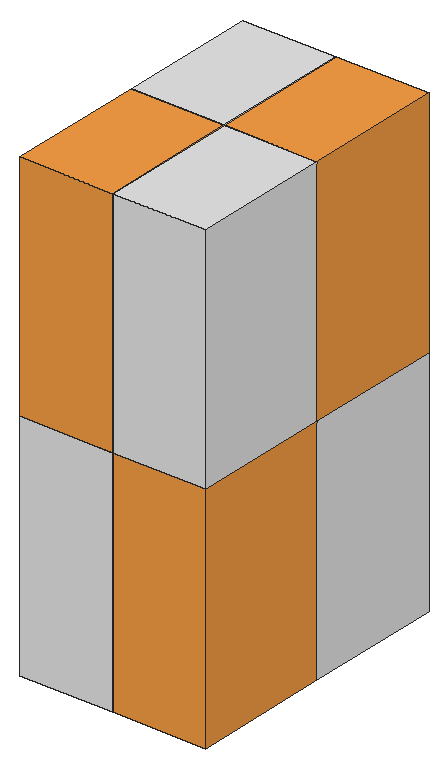
Revit family "DBU_GM_UN_Opening-SymbolicRectangular_gen_BERSnl", category Generic Models, Revit 2022
Family settings
  Can host rebar = No
  Round Connector Dimension = Use Diameter
  Part Type = Normal
  Work Plane-Based = No
  Always vertical = No
  Cut with Voids When Loaded = No
  Maintain Annotation Orientation = No
  Shared = No
  Room Calculation Point = No
Parameters (values of type "Wall")
  Wall = yes
  ViewCutPlaneUp [instance] = 1500 mm
  ViewCutPlaneDown [instance] = 1500 mm
  Response [instance] = if(DBU_OpeningStatus = 0, "Request", if(DBU_OpeningStatus = 1, "Declined", if(DBU_OpeningStatus = 2, "Approved", if(DBU_OpeningStatus = 3, "Approved Drilling", if(DBU_OpeningStatus = 4, "On Hold", if(DBU_OpeningStatus = 5, "Executed", "Invalid"))))))  # "Request"
  Request [instance] = DBU_OpeningStatus = 0  # yes
  On Hold [instance] = DBU_OpeningStatus = 3  # no
  Not Drilling [instance] = yes
  Floor = not(Wall)  # no
  Execution Type [instance] = if(Not Drilling, "Not Drilling", "Drilling")  # "Not Drilling"
  Executed [instance] = DBU_OpeningStatus = 4  # no
  Drilling [instance] = not(Not Drilling)  # no
  Default Elevation = 0 mm
  Declined [instance] = DBU_OpeningStatus = 1  # no
  DBU_OpeningStatus [instance] = 0
  DBU_CTE_Zone [instance] = ""
  DBU_CTE_Z Value - Top [instance] = ""
  DBU_CTE_Z Value - Center [instance] = ""
  DBU_CTE_Z Coordinate Value [instance] = ""
  DBU_CTE_Opening Host Link [instance] = ""
  DBU_CTE_Opening Host Element [instance] = ""
  DBU_CTE_Opening Host Category [instance] = ""
  DBU_CTE_Level [instance] = ""
  DBU_CTE_ID [instance] = ""
  DBU_CTE_Host ID [instance] = ""
  DBU_CTE_Discipline [instance] = ""
  DBU_CTE_Classificatie [instance] = ""
  DBU_CTE_BuildingPart [instance] = ""
  DBU_CLE_Width [instance] = 200 mm
  DBU_CLE_Height [instance] = 500 mm
  DBU_CLE_Depth [instance] = 300 mm
  Approved [instance] = DBU_OpeningStatus = 2  # no
Types (2, lengths in mm): name | Wall | Floor
  Floor | no | yes
  Wall | yes | no
Reference planes
  plane 1 "Center (Front/Back)": y = 0
  plane 2: z = 0
  plane 3 "Center (Left/Right)": x = 0
  plane 4: z = -250
  plane 5: z = -500
  plane 6: z = 1500
  plane 7: z = -2000
  plane 8: z = 1500
  plane 9: z = -1800
  plane 10: z = -300
Lines and regions (mm)
  model lines, style "InvisibleLines", visible <- "Wall"
    curve 1: line (0, 0, -2000) -> (0, 0, 1500)
  model lines, style "InvisibleLines", visible <- "Floor"
    curve 2: line (0, 0, -1800) -> (0, 0, 1500)
Dimensions and locks
  "DBU_CLE_Height": level to plane 5
  equal spacing: level, plane 4, plane 5
  "ViewCutPlaneUp": plane 6 to level
  "ViewCutPlaneDown": plane 5 to plane 7
  "ViewCutPlaneUp": plane 8 to level
  "DBU_CLE_Depth": level to plane 10
  "ViewCutPlaneDown": plane 10 to plane 9
  aligned and locked: level to plane 2
  aligned and locked: curve 1 to plane 1 "Center (Front/Back)"
  aligned and locked: plane 3 "Center (Left/Right)" to nested 2
  aligned and locked: plane 3 "Center (Left/Right)" to nested 3
  aligned and locked: nested 3 to plane 1 "Center (Front/Back)"
  aligned and locked: plane 1 "Center (Front/Back)" to nested 7
  aligned and locked: plane 3 "Center (Left/Right)" to nested 7
  aligned and locked: nested 8 to plane 4
  aligned and locked: nested 8 to plane 3 "Center (Left/Right)"
  aligned and locked: plane 6 to curve 1
  aligned and locked: plane 7 to curve 1
  aligned and locked: plane 8 to curve 2
  aligned and locked: plane 9 to curve 2
  aligned and locked: curve 2 to plane 3 "Center (Left/Right)"
Automatic sketch dimensions
  curve 1 to plane 3 "Center (Left/Right)" = 0 mm
Nested families
  nested 1: "DBU_OpeningRectangular-Wall" at (0, 0, 0), Depth <- "DBU_CLE_Depth", Height <- "DBU_CLE_Height", Width <- "DBU_CLE_Width", visible <- "Wall", ConstructorStatus <- "DBU_OpeningStatus", type "Wall"
    with Width 200 mm, Request yes, RecessNeutral Color RGB 230-230-230, RecessDisplayMaterial none, OnHold no, Height 500 mm, Executed no, Depth 300 mm, Declined no, ConstructorStatus 0, Approved no
  nested 2: "DBU_OpeningRectangular-Floor" at (0, 0, 0), Depth <- "DBU_CLE_Depth", Height <- "DBU_CLE_Height", Width <- "DBU_CLE_Width", visible <- "Floor", ConstructorStatus <- "DBU_OpeningStatus", type "Floor"
    with Width 200 mm, Request yes, RecessNeutral Color RGB 230-230-230, RecessDisplayMaterial none, OnHold no, Height 500 mm, Executed no, Depth 300 mm, Declined no, ConstructorStatus 0, Approved no
  nested 3: "DBU_00_DI_WB_Opening Detail_gen_BERSnl" at (0, 0, 0) x (0, 1, 0) z (0, 0, 1), Length <- "DBU_CLE_Depth", Width <- "DBU_CLE_Width", visible <- "Wall", type "DBU_00_DI_WB_Opening Detail_gen_BERSnl"
    with Width 200 mm, Length 300 mm
  nested 4: "DBU_00_DI_WB_Opening Detail_gen_BERSnl" at (0, 0, -250) x (0, 1, 0) z (1, 0, 0), Length <- "DBU_CLE_Depth", Width <- "DBU_CLE_Height", visible <- "Wall", type "DBU_00_DI_WB_Opening Detail_gen_BERSnl"
    with Width 500 mm, Length 300 mm
  nested 5: "DBU_00_DI_WB_Opening Detail_gen_BERSnl" at (0, 0, -150) x (0, 1, 0) z (1, 0, 0), Length <- "DBU_CLE_Height", Width <- "DBU_CLE_Depth", visible <- "Floor", type "DBU_00_DI_WB_Opening Detail_gen_BERSnl"
    with Width 300 mm, Length 500 mm
  nested 6: "DBU_00_DI_WB_Opening Detail_gen_BERSnl" at (0, 0, -150) x (1, 0, 0) z (0, -1, 0), visible <- "Floor", Length <- "DBU_CLE_Width", Width <- "DBU_CLE_Depth", type "DBU_00_DI_WB_Opening Detail_gen_BERSnl"
    with Width 300 mm, Length 200 mm
  nested 7: "DBU_00_DI_WB_Opening Detail_gen_BERSnl" at (0, 0, 0), visible <- "Floor", Length <- "DBU_CLE_Width", Width <- "DBU_CLE_Height", type "DBU_00_DI_WB_Opening Detail_gen_BERSnl"
    with Width 500 mm, Length 200 mm
  nested 8: "DBU_00_DI_WB_Opening Detail_gen_BERSnl" at (0, 0, -250) x (1, 0, 0) z (0, -1, 0), Length <- "DBU_CLE_Width", Width <- "DBU_CLE_Height", visible <- "Wall", type "DBU_00_DI_WB_Opening Detail_gen_BERSnl"
    with Width 500 mm, Length 200 mm
Definition of nested family "DBU_OpeningRectangular-Wall"
  Parameters (values of type "Wall")
    Width [instance] = 1915.454 mm
    Request [instance] = not(or(Declined, Approved, OnHold, Executed))  # yes
    RecessNeutral [instance] = none
    RecessDisplayMaterial [instance] = none
    OnHold [instance] = ConstructorStatus = 3  # no
    Height [instance] = 304.8 mm
    Executed [instance] = ConstructorStatus = 4  # no
    Depth [instance] = 1954.727 mm
    Default Elevation = 1219.2 mm
    Declined [instance] = ConstructorStatus = 1  # no
    ConstructorStatus [instance] = 0
    Approved [instance] = ConstructorStatus = 2  # no
  Reference planes
    plane 1 "Center (Front/Back)": y = 0
    plane 2: z = 0
    plane 3 "Center (Left/Right)": x = 0
    plane 4: y = 977.363
    plane 5: x = 957.727
    plane 6: y = -977.363
    plane 7: x = -957.727
    plane 8: z = -304.8
    plane 9: z = -152.4
  Forms (mm)
    Extrusion 1, solid, material <- "RecessNeutral"
      sketch origin (0, 0, 0) x (1, 0, 0) y (0, 1, 0)
        loop
          line (-957.727, 0) -> (-957.727, -977.363) -> (0, -977.363) -> (0, 0) -> (-957.727, 0)
      from -304.8 to -152.4
    Extrusion 2, solid, visible <- "Request"
      sketch origin (0, 0, 0) x (1, 0, 0) y (0, 1, 0)
        loop
          line (0, 0) -> (0, -977.363) -> (957.727, -977.363) -> (957.727, 0) -> (0, 0)
      from -304.8 to -152.4
    Extrusion 3, solid, visible <- "Request"
      sketch origin (0, 0, 0) x (1, 0, 0) y (0, 1, 0)
        loop
          line (-957.727, 0) -> (-957.727, -977.363) -> (0, -977.363) -> (0, 0) -> (-957.727, 0)
      from -152.4 to 0
    Extrusion 4, solid, material <- "RecessNeutral"
      sketch origin (0, 0, 0) x (1, 0, 0) y (0, 1, 0)
        loop
          line (0, 0) -> (0, -977.363) -> (957.727, -977.363) -> (957.727, 0) -> (0, 0)
      from -152.4 to 0
    Extrusion 5, solid, visible <- "Request"
      sketch origin (0, 0, 0) x (1, 0, 0) y (0, 1, 0)
        loop
          line (-957.727, 977.363) -> (-957.727, 0) -> (0, 0) -> (0, 977.363) -> (-957.727, 977.363)
      from -304.8 to -152.4
    Extrusion 6, solid, material <- "RecessNeutral"
      sketch origin (0, 0, 0) x (1, 0, 0) y (0, 1, 0)
        loop
          line (0, 977.363) -> (0, 0) -> (957.727, 0) -> (957.727, 977.363) -> (0, 977.363)
      from -304.8 to -152.4
    Extrusion 7, solid, material <- "RecessNeutral"
      sketch origin (0, 0, 0) x (1, 0, 0) y (0, 1, 0)
        loop
          line (-957.727, 977.363) -> (-957.727, 0) -> (0, 0) -> (0, 977.363) -> (-957.727, 977.363)
      from -152.4 to 0
    Extrusion 8, solid, visible <- "Request"
      sketch origin (0, 0, 0) x (1, 0, 0) y (0, 1, 0)
        loop
          line (0, 977.363) -> (0, 0) -> (957.727, 0) -> (957.727, 977.363) -> (0, 977.363)
      from -152.4 to 0
    Extrusion 9, solid, visible <- "Declined"
      sketch origin (0, 0, 0) x (1, 0, 0) y (0, 1, 0)
        loop
          line (0, 0) -> (0, -977.363) -> (957.727, -977.363) -> (957.727, 0) -> (0, 0)
      from -304.8 to -152.4
    Extrusion 10, solid, visible <- "Declined"
      sketch origin (0, 0, 0) x (1, 0, 0) y (0, 1, 0)
        loop
          line (-957.727, 0) -> (-957.727, -977.363) -> (0, -977.363) -> (0, 0) -> (-957.727, 0)
      from -152.4 to 0
    Extrusion 11, solid, visible <- "Declined"
      sketch origin (0, 0, 0) x (1, 0, 0) y (0, 1, 0)
        loop
          line (-957.727, 977.363) -> (-957.727, 0) -> (0, 0) -> (0, 977.363) -> (-957.727, 977.363)
      from -304.8 to -152.4
    Extrusion 12, solid, visible <- "Declined"
      sketch origin (0, 0, 0) x (1, 0, 0) y (0, 1, 0)
        loop
          line (0, 977.363) -> (0, 0) -> (957.727, 0) -> (957.727, 977.363) -> (0, 977.363)
      from -152.4 to 0
    Extrusion 13, solid, visible <- "Approved"
      sketch origin (0, 0, 0) x (1, 0, 0) y (0, 1, 0)
        loop
          line (-957.727, 0) -> (-957.727, -977.363) -> (0, -977.363) -> (0, 0) -> (-957.727, 0)
      from -152.4 to 0
    Extrusion 14, solid, visible <- "Approved"
      sketch origin (0, 0, 0) x (1, 0, 0) y (0, 1, 0)
        loop
          line (0, 977.363) -> (0, 0) -> (957.727, 0) -> (957.727, 977.363) -> (0, 977.363)
      from -152.4 to 0
    Extrusion 15, solid, visible <- "Approved"
      sketch origin (0, 0, 0) x (1, 0, 0) y (0, 1, 0)
        loop
          line (0, 0) -> (0, -977.363) -> (957.727, -977.363) -> (957.727, 0) -> (0, 0)
      from -304.8 to -152.4
    Extrusion 16, solid, visible <- "Approved"
      sketch origin (0, 0, 0) x (1, 0, 0) y (0, 1, 0)
        loop
          line (-957.727, 977.363) -> (-957.727, 0) -> (0, 0) -> (0, 977.363) -> (-957.727, 977.363)
      from -304.8 to -152.4
    Extrusion 17, solid, visible <- "OnHold"
      sketch origin (0, 0, 0) x (1, 0, 0) y (0, 1, 0)
        loop
          line (-957.727, 0) -> (-957.727, -977.363) -> (0, -977.363) -> (0, 0) -> (-957.727, 0)
      from -152.4 to 0
    Extrusion 18, solid, visible <- "OnHold"
      sketch origin (0, 0, 0) x (1, 0, 0) y (0, 1, 0)
        loop
          line (0, 977.363) -> (0, 0) -> (957.727, 0) -> (957.727, 977.363) -> (0, 977.363)
      from -152.4 to 0
    Extrusion 19, solid, visible <- "OnHold"
      sketch origin (0, 0, 0) x (1, 0, 0) y (0, 1, 0)
        loop
          line (0, 0) -> (0, -977.363) -> (957.727, -977.363) -> (957.727, 0) -> (0, 0)
      from -304.8 to -152.4
    Extrusion 20, solid, visible <- "OnHold"
      sketch origin (0, 0, 0) x (1, 0, 0) y (0, 1, 0)
        loop
          line (-957.727, 977.363) -> (-957.727, 0) -> (0, 0) -> (0, 977.363) -> (-957.727, 977.363)
      from -304.8 to -152.4
    Extrusion 21, solid, visible <- "Executed"
      sketch origin (0, 0, 0) x (1, 0, 0) y (0, 1, 0)
        loop
          line (-957.727, 0) -> (-957.727, -977.363) -> (0, -977.363) -> (0, 0) -> (-957.727, 0)
      from -152.4 to 0
    Extrusion 22, solid, visible <- "Executed"
      sketch origin (0, 0, 0) x (1, 0, 0) y (0, 1, 0)
        loop
          line (0, 977.363) -> (0, 0) -> (957.727, 0) -> (957.727, 977.363) -> (0, 977.363)
      from -152.4 to 0
    Extrusion 23, solid, visible <- "Executed"
      sketch origin (0, 0, 0) x (1, 0, 0) y (0, 1, 0)
        loop
          line (0, 0) -> (0, -977.363) -> (957.727, -977.363) -> (957.727, 0) -> (0, 0)
      from -304.8 to -152.4
    Extrusion 24, solid, visible <- "Executed"
      sketch origin (0, 0, 0) x (1, 0, 0) y (0, 1, 0)
        loop
          line (-957.727, 977.363) -> (-957.727, 0) -> (0, 0) -> (0, 977.363) -> (-957.727, 977.363)
      from -304.8 to -152.4
  Dimensions and locks
    equal spacing: plane 7, plane 3 "Center (Left/Right)", plane 5
    "Width": plane 7 to plane 5
    equal spacing: plane 4, plane 1 "Center (Front/Back)", plane 6
    "Depth": plane 6 to plane 4
    "Height": level to plane 8
    equal spacing: level, plane 9, plane 8
    aligned and locked: level to plane 2
    aligned and locked: Extrusion 1 sketch curve to plane 7
    aligned and locked: Extrusion 1 sketch curve to plane 3 "Center (Left/Right)"
    aligned and locked: Extrusion 1 sketch curve to plane 6
    aligned and locked: Extrusion 1 to plane 8
    aligned and locked: plane 9 to Extrusion 1
    aligned and locked: plane 3 "Center (Left/Right)" to Extrusion 2 sketch curve
    aligned and locked: Extrusion 2 sketch curve to plane 6
    aligned and locked: Extrusion 2 sketch curve to plane 5
    aligned and locked: Extrusion 2 to plane 8
    aligned and locked: plane 9 to Extrusion 2
    aligned and locked: Extrusion 3 sketch curve to plane 7
    aligned and locked: Extrusion 3 sketch curve to plane 6
    aligned and locked: Extrusion 3 sketch curve to plane 3 "Center (Left/Right)"
    aligned and locked: Extrusion 3 to plane 9
    aligned and locked: level to Extrusion 3
    aligned and locked: plane 3 "Center (Left/Right)" to Extrusion 4 sketch curve
    aligned and locked: Extrusion 4 sketch curve to plane 6
    aligned and locked: Extrusion 4 sketch curve to plane 5
    aligned and locked: Extrusion 4 to plane 9
    aligned and locked: level to Extrusion 4
    aligned and locked: plane 1 "Center (Front/Back)" to Extrusion 3 sketch curve
    aligned and locked: plane 1 "Center (Front/Back)" to Extrusion 4 sketch curve
    aligned and locked: plane 1 "Center (Front/Back)" to Extrusion 2 sketch curve
    aligned and locked: plane 1 "Center (Front/Back)" to Extrusion 1 sketch curve
    aligned and locked: Extrusion 5 sketch curve to plane 4
    aligned and locked: Extrusion 5 sketch curve to plane 7
    aligned and locked: Extrusion 5 sketch curve to plane 1 "Center (Front/Back)"
    aligned and locked: Extrusion 5 sketch curve to plane 3 "Center (Left/Right)"
    aligned and locked: plane 3 "Center (Left/Right)" to Extrusion 6 sketch curve
    aligned and locked: Extrusion 6 sketch curve to plane 4
    aligned and locked: Extrusion 6 sketch curve to plane 5
    aligned and locked: Extrusion 6 sketch curve to plane 1 "Center (Front/Back)"
    aligned and locked: Extrusion 6 to plane 8
    aligned and locked: plane 9 to Extrusion 6
    aligned and locked: Extrusion 5 to plane 8
    aligned and locked: plane 9 to Extrusion 5
    aligned and locked: Extrusion 7 sketch curve to plane 7
    aligned and locked: Extrusion 7 sketch curve to plane 4
    aligned and locked: Extrusion 7 sketch curve to plane 3 "Center (Left/Right)"
    aligned and locked: Extrusion 7 sketch curve to plane 1 "Center (Front/Back)"
    aligned and locked: plane 3 "Center (Left/Right)" to Extrusion 8 sketch curve
    aligned and locked: Extrusion 8 sketch curve to plane 4
    aligned and locked: Extrusion 8 sketch curve to plane 5
    aligned and locked: Extrusion 8 sketch curve to plane 1 "Center (Front/Back)"
    aligned and locked: Extrusion 8 to plane 9
    aligned and locked: level to Extrusion 8
    aligned and locked: Extrusion 7 to plane 9
    aligned and locked: level to Extrusion 7
    aligned and locked: Extrusion 9 sketch curve to plane 5
    aligned and locked: plane 1 "Center (Front/Back)" to Extrusion 9 sketch curve
    aligned and locked: plane 3 "Center (Left/Right)" to Extrusion 9 sketch curve
    aligned and locked: Extrusion 9 sketch curve to plane 6
    aligned and locked: Extrusion 10 sketch curve to plane 7
    aligned and locked: plane 1 "Center (Front/Back)" to Extrusion 10 sketch curve
    aligned and locked: Extrusion 10 sketch curve to plane 3 "Center (Left/Right)"
    aligned and locked: Extrusion 10 sketch curve to plane 6
    aligned and locked: plane 3 "Center (Left/Right)" to Extrusion 12 sketch curve
    aligned and locked: Extrusion 12 sketch curve to plane 1 "Center (Front/Back)"
    aligned and locked: Extrusion 12 sketch curve to plane 5
    aligned and locked: Extrusion 12 sketch curve to plane 4
    aligned and locked: Extrusion 11 sketch curve to plane 7
    aligned and locked: Extrusion 11 sketch curve to plane 4
    aligned and locked: Extrusion 11 sketch curve to plane 3 "Center (Left/Right)"
    aligned and locked: Extrusion 11 sketch curve to plane 1 "Center (Front/Back)"
    aligned and locked: Extrusion 10 to plane 9
    aligned and locked: level to Extrusion 10
    aligned and locked: Extrusion 12 to plane 9
    aligned and locked: plane 8 to Extrusion 2
    aligned and locked: plane 2 to Extrusion 12
    aligned and locked: Extrusion 9 to plane 8
    aligned and locked: plane 9 to Extrusion 11
    aligned and locked: Extrusion 11 to plane 8
    aligned and locked: Extrusion 11 to plane 9  (x3)
    aligned and locked: Extrusion 10 to level  (x2)
    aligned and locked: plane 9 to Extrusion 9
    aligned and locked: plane 9 to Extrusion 10
    aligned and locked: plane 8 to Extrusion 11  (x2)
    aligned and locked: level to Extrusion 12
    aligned and locked: plane 9 to Extrusion 12
    aligned and locked: Extrusion 14 sketch curve to plane 1 "Center (Front/Back)"
    aligned and locked: plane 3 "Center (Left/Right)" to Extrusion 14 sketch curve
    aligned and locked: Extrusion 14 sketch curve to plane 4
    aligned and locked: Extrusion 14 sketch curve to plane 5
    aligned and locked: Extrusion 13 sketch curve to plane 7
    aligned and locked: Extrusion 13 sketch curve to plane 6
    aligned and locked: Extrusion 13 sketch curve to plane 3 "Center (Left/Right)"
    aligned and locked: plane 1 "Center (Front/Back)" to Extrusion 13 sketch curve
    aligned and locked: Extrusion 13 to plane 9
    aligned and locked: level to Extrusion 13
    aligned and locked: plane 9 to Extrusion 16
    aligned and locked: Extrusion 16 to plane 8
    aligned and locked: plane 9 to Extrusion 15
    aligned and locked: Extrusion 15 to plane 8
    aligned and locked: plane 3 "Center (Left/Right)" to Extrusion 15 sketch curve
    aligned and locked: plane 1 "Center (Front/Back)" to Extrusion 15 sketch curve
    aligned and locked: Extrusion 15 sketch curve to plane 5
    aligned and locked: Extrusion 15 sketch curve to plane 6
    aligned and locked: Extrusion 16 sketch curve to plane 7
    aligned and locked: Extrusion 16 sketch curve to plane 4
    aligned and locked: Extrusion 16 sketch curve to plane 3 "Center (Left/Right)"
    aligned and locked: Extrusion 16 sketch curve to plane 1 "Center (Front/Back)"
    aligned and locked: Extrusion 14 to plane 9
    aligned and locked: level to Extrusion 14
    aligned and locked: Extrusion 20 sketch curve to plane 7
    aligned and locked: Extrusion 20 sketch curve to plane 4
    aligned and locked: Extrusion 20 sketch curve to plane 3 "Center (Left/Right)"
    aligned and locked: Extrusion 20 sketch curve to plane 1 "Center (Front/Back)"
    aligned and locked: Extrusion 20 to plane 8
    aligned and locked: plane 9 to Extrusion 20
    aligned and locked: Extrusion 17 sketch curve to plane 7
    aligned and locked: plane 1 "Center (Front/Back)" to Extrusion 17 sketch curve
    aligned and locked: Extrusion 17 sketch curve to plane 3 "Center (Left/Right)"
    aligned and locked: Extrusion 17 sketch curve to plane 6
    aligned and locked: Extrusion 17 to plane 9
    aligned and locked: level to Extrusion 17
    aligned and locked: plane 3 "Center (Left/Right)" to Extrusion 19 sketch curve
    aligned and locked: plane 1 "Center (Front/Back)" to Extrusion 19 sketch curve
    aligned and locked: Extrusion 19 sketch curve to plane 5
    aligned and locked: Extrusion 19 sketch curve to plane 6
    aligned and locked: Extrusion 19 to plane 8
    aligned and locked: plane 9 to Extrusion 19
    aligned and locked: plane 3 "Center (Left/Right)" to Extrusion 18 sketch curve
    aligned and locked: Extrusion 18 sketch curve to plane 4
    aligned and locked: Extrusion 18 sketch curve to plane 5
    aligned and locked: Extrusion 18 sketch curve to plane 1 "Center (Front/Back)"
    aligned and locked: Extrusion 18 to plane 9
    aligned and locked: level to Extrusion 18
    aligned and locked: Extrusion 21 sketch curve to plane 7
    aligned and locked: Extrusion 21 sketch curve to plane 6
    aligned and locked: plane 1 "Center (Front/Back)" to Extrusion 21 sketch curve
    aligned and locked: Extrusion 21 sketch curve to plane 3 "Center (Left/Right)"
    aligned and locked: Extrusion 21 to plane 9
    aligned and locked: level to Extrusion 21
    aligned and locked: plane 3 "Center (Left/Right)" to Extrusion 23 sketch curve
    aligned and locked: Extrusion 23 sketch curve to plane 5
    aligned and locked: Extrusion 23 sketch curve to plane 6
    aligned and locked: plane 1 "Center (Front/Back)" to Extrusion 23 sketch curve
    aligned and locked: plane 9 to Extrusion 23
    aligned and locked: Extrusion 23 to plane 8
    aligned and locked: plane 3 "Center (Left/Right)" to Extrusion 22 sketch curve
    aligned and locked: Extrusion 22 sketch curve to plane 1 "Center (Front/Back)"
    aligned and locked: Extrusion 22 sketch curve to plane 5
    aligned and locked: Extrusion 22 sketch curve to plane 4
    aligned and locked: Extrusion 22 to plane 9
    aligned and locked: level to Extrusion 22
    aligned and locked: Extrusion 24 sketch curve to plane 7
    aligned and locked: Extrusion 24 sketch curve to plane 4
    aligned and locked: Extrusion 24 sketch curve to plane 3 "Center (Left/Right)"
    aligned and locked: Extrusion 24 sketch curve to plane 1 "Center (Front/Back)"
    aligned and locked: plane 9 to Extrusion 24
    aligned and locked: Extrusion 24 to plane 8
Definition of nested family "DBU_OpeningRectangular-Floor"
  Parameters (values of type "Floor")
    Width [instance] = 1915.454 mm
    Request [instance] = not(or(Declined, Approved, OnHold, Executed))  # yes
    RecessNeutral [instance] = none
    RecessDisplayMaterial [instance] = none
    OnHold [instance] = ConstructorStatus = 3  # no
    Height [instance] = 304.8 mm
    Executed [instance] = ConstructorStatus = 4  # no
    Depth [instance] = 1954.727 mm
    Default Elevation = 1219.2 mm
    Declined [instance] = ConstructorStatus = 1  # no
    ConstructorStatus [instance] = 0
    Approved [instance] = ConstructorStatus = 2  # no
  Reference planes
    plane 1 "Center (Front/Back)": y = 0
    plane 2: z = 0
    plane 3 "Center (Left/Right)": x = 0
    plane 4: y = 152.4
    plane 5: x = 957.727
    plane 6: y = -152.4
    plane 7: x = -957.727
    plane 8: z = -1954.727
    plane 9: z = -977.363
  Forms (mm)
    Extrusion 1, solid, material <- "RecessNeutral"
      sketch origin (0, 0, 0) x (1, 0, 0) y (0, 1, 0)
        loop
          line (-957.727, 0) -> (-957.727, -152.4) -> (0, -152.4) -> (0, 0) -> (-957.727, 0)
      from -1954.727 to -977.363
    Extrusion 2, solid, visible <- "Request"
      sketch origin (0, 0, 0) x (1, 0, 0) y (0, 1, 0)
        loop
          line (0, 0) -> (0, -152.4) -> (957.727, -152.4) -> (957.727, 0) -> (0, 0)
      from -1954.727 to -977.363
    Extrusion 3, solid, visible <- "Request"
      sketch origin (0, 0, 0) x (1, 0, 0) y (0, 1, 0)
        loop
          line (-957.727, 0) -> (-957.727, -152.4) -> (0, -152.4) -> (0, 0) -> (-957.727, 0)
      from -977.363 to 0
    Extrusion 4, solid, material <- "RecessNeutral"
      sketch origin (0, 0, 0) x (1, 0, 0) y (0, 1, 0)
        loop
          line (0, 0) -> (0, -152.4) -> (957.727, -152.4) -> (957.727, 0) -> (0, 0)
      from -977.363 to 0
    Extrusion 5, solid, visible <- "Request"
      sketch origin (0, 0, 0) x (1, 0, 0) y (0, 1, 0)
        loop
          line (-957.727, 152.4) -> (-957.727, 0) -> (0, 0) -> (0, 152.4) -> (-957.727, 152.4)
      from -1954.727 to -977.363
    Extrusion 6, solid, material <- "RecessNeutral"
      sketch origin (0, 0, 0) x (1, 0, 0) y (0, 1, 0)
        loop
          line (0, 152.4) -> (0, 0) -> (957.727, 0) -> (957.727, 152.4) -> (0, 152.4)
      from -1954.727 to -977.363
    Extrusion 7, solid, material <- "RecessNeutral"
      sketch origin (0, 0, 0) x (1, 0, 0) y (0, 1, 0)
        loop
          line (-957.727, 152.4) -> (-957.727, 0) -> (0, 0) -> (0, 152.4) -> (-957.727, 152.4)
      from -977.363 to 0
    Extrusion 8, solid, visible <- "Request"
      sketch origin (0, 0, 0) x (1, 0, 0) y (0, 1, 0)
        loop
          line (0, 152.4) -> (0, 0) -> (957.727, 0) -> (957.727, 152.4) -> (0, 152.4)
      from -977.363 to 0
    Extrusion 9, solid, visible <- "Declined"
      sketch origin (0, 0, 0) x (1, 0, 0) y (0, 1, 0)
        loop
          line (0, 0) -> (0, -152.4) -> (957.727, -152.4) -> (957.727, 0) -> (0, 0)
      from -1954.727 to -977.363
    Extrusion 10, solid, visible <- "Declined"
      sketch origin (0, 0, 0) x (1, 0, 0) y (0, 1, 0)
        loop
          line (-957.727, 0) -> (-957.727, -152.4) -> (0, -152.4) -> (0, 0) -> (-957.727, 0)
      from -977.363 to 0
    Extrusion 11, solid, visible <- "Declined"
      sketch origin (0, 0, 0) x (1, 0, 0) y (0, 1, 0)
        loop
          line (-957.727, 152.4) -> (-957.727, 0) -> (0, 0) -> (0, 152.4) -> (-957.727, 152.4)
      from -1954.727 to -977.363
    Extrusion 12, solid, visible <- "Declined"
      sketch origin (0, 0, 0) x (1, 0, 0) y (0, 1, 0)
        loop
          line (0, 152.4) -> (0, 0) -> (957.727, 0) -> (957.727, 152.4) -> (0, 152.4)
      from -977.363 to 0
    Extrusion 13, solid, visible <- "Approved"
      sketch origin (0, 0, 0) x (1, 0, 0) y (0, 1, 0)
        loop
          line (-957.727, 0) -> (-957.727, -152.4) -> (0, -152.4) -> (0, 0) -> (-957.727, 0)
      from -977.363 to 0
    Extrusion 14, solid, visible <- "Approved"
      sketch origin (0, 0, 0) x (1, 0, 0) y (0, 1, 0)
        loop
          line (0, 152.4) -> (0, 0) -> (957.727, 0) -> (957.727, 152.4) -> (0, 152.4)
      from -977.363 to 0
    Extrusion 15, solid, visible <- "Approved"
      sketch origin (0, 0, 0) x (1, 0, 0) y (0, 1, 0)
        loop
          line (0, 0) -> (0, -152.4) -> (957.727, -152.4) -> (957.727, 0) -> (0, 0)
      from -1954.727 to -977.363
    Extrusion 16, solid, visible <- "Approved"
      sketch origin (0, 0, 0) x (1, 0, 0) y (0, 1, 0)
        loop
          line (-957.727, 152.4) -> (-957.727, 0) -> (0, 0) -> (0, 152.4) -> (-957.727, 152.4)
      from -1954.727 to -977.363
    Extrusion 17, solid, visible <- "OnHold"
      sketch origin (0, 0, 0) x (1, 0, 0) y (0, 1, 0)
        loop
          line (-957.727, 0) -> (-957.727, -152.4) -> (0, -152.4) -> (0, 0) -> (-957.727, 0)
      from -977.363 to 0
    Extrusion 18, solid, visible <- "OnHold"
      sketch origin (0, 0, 0) x (1, 0, 0) y (0, 1, 0)
        loop
          line (0, 152.4) -> (0, 0) -> (957.727, 0) -> (957.727, 152.4) -> (0, 152.4)
      from -977.363 to 0
    Extrusion 19, solid, visible <- "OnHold"
      sketch origin (0, 0, 0) x (1, 0, 0) y (0, 1, 0)
        loop
          line (0, 0) -> (0, -152.4) -> (957.727, -152.4) -> (957.727, 0) -> (0, 0)
      from -1954.727 to -977.363
    Extrusion 20, solid, visible <- "OnHold"
      sketch origin (0, 0, 0) x (1, 0, 0) y (0, 1, 0)
        loop
          line (-957.727, 152.4) -> (-957.727, 0) -> (0, 0) -> (0, 152.4) -> (-957.727, 152.4)
      from -1954.727 to -977.363
    Extrusion 21, solid, visible <- "Executed"
      sketch origin (0, 0, 0) x (1, 0, 0) y (0, 1, 0)
        loop
          line (-957.727, 0) -> (-957.727, -152.4) -> (0, -152.4) -> (0, 0) -> (-957.727, 0)
      from -977.363 to 0
    Extrusion 22, solid, visible <- "Executed"
      sketch origin (0, 0, 0) x (1, 0, 0) y (0, 1, 0)
        loop
          line (0, 152.4) -> (0, 0) -> (957.727, 0) -> (957.727, 152.4) -> (0, 152.4)
      from -977.363 to 0
    Extrusion 23, solid, visible <- "Executed"
      sketch origin (0, 0, 0) x (1, 0, 0) y (0, 1, 0)
        loop
          line (0, 0) -> (0, -152.4) -> (957.727, -152.4) -> (957.727, 0) -> (0, 0)
      from -1954.727 to -977.363
    Extrusion 24, solid, visible <- "Executed"
      sketch origin (0, 0, 0) x (1, 0, 0) y (0, 1, 0)
        loop
          line (-957.727, 152.4) -> (-957.727, 0) -> (0, 0) -> (0, 152.4) -> (-957.727, 152.4)
      from -1954.727 to -977.363
  Dimensions and locks
    equal spacing: plane 7, plane 3 "Center (Left/Right)", plane 5
    "Width": plane 7 to plane 5
    equal spacing: plane 4, plane 1 "Center (Front/Back)", plane 6
    "Height": plane 6 to plane 4
    "Depth": level to plane 8
    equal spacing: level, plane 9, plane 8
    aligned and locked: level to plane 2
    aligned and locked: Extrusion 1 sketch curve to plane 7
    aligned and locked: Extrusion 1 sketch curve to plane 3 "Center (Left/Right)"
    aligned and locked: Extrusion 1 sketch curve to plane 6
    aligned and locked: Extrusion 1 to plane 8
    aligned and locked: plane 9 to Extrusion 1
    aligned and locked: plane 3 "Center (Left/Right)" to Extrusion 2 sketch curve
    aligned and locked: Extrusion 2 sketch curve to plane 6
    aligned and locked: Extrusion 2 sketch curve to plane 5
    aligned and locked: Extrusion 2 to plane 8
    aligned and locked: plane 9 to Extrusion 2
    aligned and locked: Extrusion 3 sketch curve to plane 7
    aligned and locked: Extrusion 3 sketch curve to plane 6
    aligned and locked: Extrusion 3 sketch curve to plane 3 "Center (Left/Right)"
    aligned and locked: Extrusion 3 to plane 9
    aligned and locked: level to Extrusion 3
    aligned and locked: plane 3 "Center (Left/Right)" to Extrusion 4 sketch curve
    aligned and locked: Extrusion 4 sketch curve to plane 6
    aligned and locked: Extrusion 4 sketch curve to plane 5
    aligned and locked: Extrusion 4 to plane 9
    aligned and locked: level to Extrusion 4
    aligned and locked: plane 1 "Center (Front/Back)" to Extrusion 3 sketch curve
    aligned and locked: plane 1 "Center (Front/Back)" to Extrusion 4 sketch curve
    aligned and locked: plane 1 "Center (Front/Back)" to Extrusion 2 sketch curve
    aligned and locked: plane 1 "Center (Front/Back)" to Extrusion 1 sketch curve
    aligned and locked: Extrusion 5 sketch curve to plane 4
    aligned and locked: Extrusion 5 sketch curve to plane 7
    aligned and locked: Extrusion 5 sketch curve to plane 1 "Center (Front/Back)"
    aligned and locked: Extrusion 5 sketch curve to plane 3 "Center (Left/Right)"
    aligned and locked: plane 3 "Center (Left/Right)" to Extrusion 6 sketch curve
    aligned and locked: Extrusion 6 sketch curve to plane 4
    aligned and locked: Extrusion 6 sketch curve to plane 5
    aligned and locked: Extrusion 6 sketch curve to plane 1 "Center (Front/Back)"
    aligned and locked: Extrusion 6 to plane 8
    aligned and locked: plane 9 to Extrusion 6
    aligned and locked: Extrusion 5 to plane 8
    aligned and locked: plane 9 to Extrusion 5
    aligned and locked: Extrusion 7 sketch curve to plane 7
    aligned and locked: Extrusion 7 sketch curve to plane 4
    aligned and locked: Extrusion 7 sketch curve to plane 3 "Center (Left/Right)"
    aligned and locked: Extrusion 7 sketch curve to plane 1 "Center (Front/Back)"
    aligned and locked: plane 3 "Center (Left/Right)" to Extrusion 8 sketch curve
    aligned and locked: Extrusion 8 sketch curve to plane 4
    aligned and locked: Extrusion 8 sketch curve to plane 5
    aligned and locked: Extrusion 8 sketch curve to plane 1 "Center (Front/Back)"
    aligned and locked: Extrusion 8 to plane 9
    aligned and locked: level to Extrusion 8
    aligned and locked: Extrusion 7 to plane 9
    aligned and locked: level to Extrusion 7
    aligned and locked: Extrusion 9 sketch curve to plane 5
    aligned and locked: plane 1 "Center (Front/Back)" to Extrusion 9 sketch curve
    aligned and locked: plane 3 "Center (Left/Right)" to Extrusion 9 sketch curve
    aligned and locked: Extrusion 9 sketch curve to plane 6
    aligned and locked: Extrusion 10 sketch curve to plane 7
    aligned and locked: plane 1 "Center (Front/Back)" to Extrusion 10 sketch curve
    aligned and locked: Extrusion 10 sketch curve to plane 3 "Center (Left/Right)"
    aligned and locked: Extrusion 10 sketch curve to plane 6
    aligned and locked: plane 3 "Center (Left/Right)" to Extrusion 12 sketch curve
    aligned and locked: Extrusion 12 sketch curve to plane 1 "Center (Front/Back)"
    aligned and locked: Extrusion 12 sketch curve to plane 5
    aligned and locked: Extrusion 12 sketch curve to plane 4
    aligned and locked: Extrusion 11 sketch curve to plane 7
    aligned and locked: Extrusion 11 sketch curve to plane 4
    aligned and locked: Extrusion 11 sketch curve to plane 3 "Center (Left/Right)"
    aligned and locked: Extrusion 11 sketch curve to plane 1 "Center (Front/Back)"
    aligned and locked: Extrusion 10 to plane 9
    aligned and locked: level to Extrusion 10
    aligned and locked: Extrusion 12 to plane 9
    aligned and locked: plane 8 to Extrusion 2
    aligned and locked: plane 2 to Extrusion 12
    aligned and locked: Extrusion 9 to plane 8
    aligned and locked: plane 9 to Extrusion 11
    aligned and locked: Extrusion 11 to plane 8
    aligned and locked: Extrusion 11 to plane 9  (x3)
    aligned and locked: Extrusion 10 to level  (x2)
    aligned and locked: plane 9 to Extrusion 9
    aligned and locked: plane 9 to Extrusion 10
    aligned and locked: plane 8 to Extrusion 11  (x2)
    aligned and locked: level to Extrusion 12
    aligned and locked: plane 9 to Extrusion 12
    aligned and locked: Extrusion 14 sketch curve to plane 1 "Center (Front/Back)"
    aligned and locked: plane 3 "Center (Left/Right)" to Extrusion 14 sketch curve
    aligned and locked: Extrusion 14 sketch curve to plane 4
    aligned and locked: Extrusion 14 sketch curve to plane 5
    aligned and locked: Extrusion 13 sketch curve to plane 7
    aligned and locked: Extrusion 13 sketch curve to plane 6
    aligned and locked: Extrusion 13 sketch curve to plane 3 "Center (Left/Right)"
    aligned and locked: plane 1 "Center (Front/Back)" to Extrusion 13 sketch curve
    aligned and locked: Extrusion 13 to plane 9
    aligned and locked: level to Extrusion 13
    aligned and locked: plane 9 to Extrusion 16
    aligned and locked: Extrusion 16 to plane 8
    aligned and locked: plane 9 to Extrusion 15
    aligned and locked: Extrusion 15 to plane 8
    aligned and locked: plane 3 "Center (Left/Right)" to Extrusion 15 sketch curve
    aligned and locked: plane 1 "Center (Front/Back)" to Extrusion 15 sketch curve
    aligned and locked: Extrusion 15 sketch curve to plane 5
    aligned and locked: Extrusion 15 sketch curve to plane 6
    aligned and locked: Extrusion 16 sketch curve to plane 7
    aligned and locked: Extrusion 16 sketch curve to plane 4
    aligned and locked: Extrusion 16 sketch curve to plane 3 "Center (Left/Right)"
    aligned and locked: Extrusion 16 sketch curve to plane 1 "Center (Front/Back)"
    aligned and locked: Extrusion 14 to plane 9
    aligned and locked: level to Extrusion 14
    aligned and locked: Extrusion 20 sketch curve to plane 7
    aligned and locked: Extrusion 20 sketch curve to plane 4
    aligned and locked: Extrusion 20 sketch curve to plane 3 "Center (Left/Right)"
    aligned and locked: Extrusion 20 sketch curve to plane 1 "Center (Front/Back)"
    aligned and locked: Extrusion 20 to plane 8
    aligned and locked: plane 9 to Extrusion 20
    aligned and locked: Extrusion 17 sketch curve to plane 7
    aligned and locked: plane 1 "Center (Front/Back)" to Extrusion 17 sketch curve
    aligned and locked: Extrusion 17 sketch curve to plane 3 "Center (Left/Right)"
    aligned and locked: Extrusion 17 sketch curve to plane 6
    aligned and locked: Extrusion 17 to plane 9
    aligned and locked: level to Extrusion 17
    aligned and locked: plane 3 "Center (Left/Right)" to Extrusion 19 sketch curve
    aligned and locked: plane 1 "Center (Front/Back)" to Extrusion 19 sketch curve
    aligned and locked: Extrusion 19 sketch curve to plane 5
    aligned and locked: Extrusion 19 sketch curve to plane 6
    aligned and locked: Extrusion 19 to plane 8
    aligned and locked: plane 9 to Extrusion 19
    aligned and locked: plane 3 "Center (Left/Right)" to Extrusion 18 sketch curve
    aligned and locked: Extrusion 18 sketch curve to plane 4
    aligned and locked: Extrusion 18 sketch curve to plane 5
    aligned and locked: Extrusion 18 sketch curve to plane 1 "Center (Front/Back)"
    aligned and locked: Extrusion 18 to plane 9
    aligned and locked: level to Extrusion 18
    aligned and locked: Extrusion 21 sketch curve to plane 7
    aligned and locked: Extrusion 21 sketch curve to plane 6
    aligned and locked: plane 1 "Center (Front/Back)" to Extrusion 21 sketch curve
    aligned and locked: Extrusion 21 sketch curve to plane 3 "Center (Left/Right)"
    aligned and locked: Extrusion 21 to plane 9
    aligned and locked: level to Extrusion 21
    aligned and locked: plane 3 "Center (Left/Right)" to Extrusion 23 sketch curve
    aligned and locked: Extrusion 23 sketch curve to plane 5
    aligned and locked: Extrusion 23 sketch curve to plane 6
    aligned and locked: plane 1 "Center (Front/Back)" to Extrusion 23 sketch curve
    aligned and locked: plane 9 to Extrusion 23
    aligned and locked: Extrusion 23 to plane 8
    aligned and locked: plane 3 "Center (Left/Right)" to Extrusion 22 sketch curve
    aligned and locked: Extrusion 22 sketch curve to plane 1 "Center (Front/Back)"
    aligned and locked: Extrusion 22 sketch curve to plane 5
    aligned and locked: Extrusion 22 sketch curve to plane 4
    aligned and locked: Extrusion 22 to plane 9
    aligned and locked: level to Extrusion 22
    aligned and locked: Extrusion 24 sketch curve to plane 7
    aligned and locked: Extrusion 24 sketch curve to plane 4
    aligned and locked: Extrusion 24 sketch curve to plane 3 "Center (Left/Right)"
    aligned and locked: Extrusion 24 sketch curve to plane 1 "Center (Front/Back)"
    aligned and locked: plane 9 to Extrusion 24
    aligned and locked: Extrusion 24 to plane 8
Definition of nested family "DBU_00_DI_WB_Opening Detail_gen_BERSnl"
  Parameters (values of type "DBU_00_DI_WB_Opening Detail_gen_BERSnl")
    Width [instance] = 500 mm
    Length [instance] = 1200 mm
  Reference planes
    plane 1 "Center (Front/Back)": y = 0
    plane 2: z = 0
    plane 3 "Center (Left/Right)": x = 0
    plane 4: x = -600
    plane 5: y = 250
    plane 6: x = 600
    plane 7: y = -250
  Lines and regions (mm)
    detail lines, in view "Ref. Level"
      curve 1: line (-600, -250, 0) -> (-600, 250, 0)
      curve 2: line (-600, 250, 0) -> (600, 250, 0)
      curve 3: line (600, 250, 0) -> (600, -250, 0)
      curve 4: line (600, -250, 0) -> (-600, -250, 0)
      curve 5: line (-600, -250, 0) -> (600, 250, 0)
      curve 6: line (-600, 250, 0) -> (600, -250, 0)
  Dimensions and locks
    equal spacing: plane 5, plane 1 "Center (Front/Back)", plane 7
    "Width": plane 5 to plane 7
    equal spacing: plane 4, plane 3 "Center (Left/Right)", plane 6
    "Length": plane 4 to plane 6
    aligned and locked: curve 1 to plane 4
    aligned and locked: curve 2 to plane 5
    aligned and locked: curve 3 to plane 6
    aligned and locked: plane 7 to curve 4
